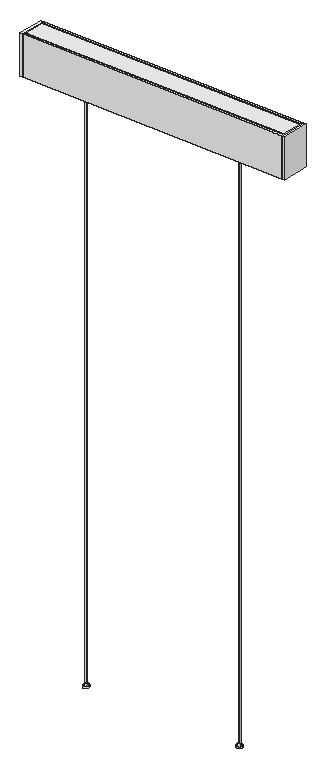
Revit family "23  MAGIC SUSPENDED LED LINEAR LIGHT", category Lighting Fixtures, host Face, Revit 2020
Family settings
  Host = Face
  Round Connector Dimension = Use Diameter
  Part Type = Normal
  Cut with Voids When Loaded = No
  Light Source = Yes
  Shared = No
  Room Calculation Point = No
Parameters (values of type "MAG0623-SW1-PSM-SD-FDL")
  Wattage Comments = "10W/15W/20W"
  Wattage = 15.4838 W
  Wall Mount = no
  built-in parameter 1150110 = 1 (stored number, unit not read)
  Voltage = "120-277 V"  # constant formula
  URL = "https://www.abovealllighting.com/product/LED-INDOOR-FIXTURE.html"
  Type Comments = "2.3 MAGIC SUSPENDED LED LINEAR LIGHT Direct and Indirect Light"  # constant formula
  built-in parameter 1114217 = 1 (stored number, unit not read)
  Tilt Angle = -90.00°
  built-in parameter 1150109 = 1 (stored number, unit not read)
  built-in parameter 1150134 = 12
  Suspender Height = 4' - 0"
  built-in parameter 1150113 = 1 (stored number, unit not read)
  Power Factor = 1
  Photometric Web File = "MAG0623-FDL-WH (4000K, DOWN100%).IES"
  PSM = not(Wall Mount)  # yes
  Order number = "17009"
  Model = "MAG0623-SW1-PSM-SD-FDL"
  Manufacturer = "Above All Lighting"  # constant formula
  built-in parameter 1150105 = 183.03 (stored number, unit not read)
  Lumens = 2300 lm
  built-in parameter 1150115 = 1 (stored number, unit not read)
  Load Classification = Lighting
  built-in parameter 1150137 = (empty or 0)
  built-in parameter 1150139 = (empty or 0)
  built-in parameter 1150112 = 1 (stored number, unit not read)
  built-in parameter 1150114 = 1 (stored number, unit not read)
  Inside Element = white inside
  built-in parameter 1150132 = 2
  built-in parameter 1150102 = (empty or 0)
  built-in parameter 1150107 = 4000 (stored number, unit not read)
  built-in parameter 1150138 = (empty or 0)
  built-in parameter 1150106 = 1.8303 (stored number, unit not read)
  IP Rating = "20"  # constant formula
  Fixture Length = 1' - 11 105/128"
  Finish/Color = White Aluminum
  built-in parameter 1150104 = 13.8 (stored number, unit not read)
  Dimming Lamp Color Temperature Shift = <None>
  Dimming / Control = "0-10 V"  # constant formula
  Description = "This MAGIC led linear fixture is a 2.3 wide linear architectural luminaire with a slim and discreet profile"  # constant formula
  Default Elevation = 0' - 0"
  Color Filter = 16777215
  CRI = "80"  # constant formula
  built-in parameter 1114218 = 1 (stored number, unit not read)
  B = (Fixture Length / 2) - 0' 5"  # 0' - 6 233/256"
  Average life based on 77F(HRS) = "50000"  # constant formula
  built-in parameter 1150133 = 10 (stored number, unit not read)
  Apparent Load = 0 VA
Types (7): name | Wattage Comments | Wattage | Wall Mount | Tilt Angle | Suspender Height | Photometric Web File | PSM | Order number | Model | built-in parameter 1150105 | Lumens | built-in parameter 1150106 | Fixture Length | B
  (no name) | "10W/15W/20W" | 15.4838 W | no | -90.00° | 4' - 0" | "MAG0623-FDL-WH (4000K, DOWN100%).IES" | yes | "17009" | "MAG0623-SW1-PSM-SD-FDL" | 183.03 (stored number, unit not read) | 2300 lm | 1.8303 (stored number, unit not read) | 1' - 11 105/128" | 0' - 6 233/256"
  MAG2423-SW1-PSM-SD-FDL | "40W/60W/80W" | 61.9354 W | no | -90.00° | 4' - 0" | "MAG2423_FDL_4000K_UP10_DOWN90.IES" | yes | "16682" | "MAG2423-SW1-PSM-SD-FDL" | 732.11 (stored number, unit not read) | 9200 lm | 7.3211 (stored number, unit not read) | 7' - 10 177/256" | 3' - 6.3457"
  MAG1223-SW1-PSM-SD-FDL | "20W/30W/40W" | 30.9677 W | no | -90.00° | 4' - 0" | "MAG1223-FDL-WH (4000K, DOWN100%).IES" | yes | "16265" | "MAG1223-SW1-PSM-SD-FDL" | 366.06 (stored number, unit not read) | 4600 lm | 3.6606 (stored number, unit not read) | 3' - 11 113/256" | 1' - 6.7207"
  MAG0623-SW1-PSM-SD-FDL | "10W/15W/20W" | 15.4838 W | no | -90.00° | 4' - 0" | "MAG0623-FDL-WH (4000K, DOWN100%).IES" | yes | "17009" | "MAG0623-SW1-PSM-SD-FDL" | 183.03 (stored number, unit not read) | 2300 lm | 1.8303 (stored number, unit not read) | 1' - 11 105/128" | 0' - 6 233/256"
  MAG2423-SW1-WM-SD-FDL | "40W/60W/80W" | 61.9354 W | yes | -90.00° | 0' - 4" | "MAG2423_FDL_4000K_UP10_DOWN90.IES" | no | "17009" | "MAG2423-SW1-WM-SD-FDL" | 732.11 (stored number, unit not read) | 9200 lm | 7.3211 (stored number, unit not read) | 7' - 10 177/256" | 3' - 6.3457"
  MAG1223-SW1-WM-SD-FDL | "20W/30W/40W" | 30.9677 W | yes | -90.00° | 0' - 4" | "MAG1223-FDL-WH (4000K, DOWN100%).IES" | no | "17010" | "MAG1223-SW1-WM-SD-FDL" | 366.06 (stored number, unit not read) | 4600 lm | 3.6606 (stored number, unit not read) | 3' - 11 113/256" | 1' - 6.7207"
  MAG0623-SW1-WM-SD-FDL | "10W/15W/20W" | 15.4838 W | yes | 90.00° | 0' - 4" | "MAG0623-FDL-WH (4000K, DOWN100%).IES" | no | "17011" | "MAG0623-SW1-WM-SD-FDL" | 183.03 (stored number, unit not read) | 2300 lm | 1.8303 (stored number, unit not read) | 1' - 11 105/128" | 0' - 6 233/256"
Reference planes (in)
  plane 1 "Center (Front/Back)": y = 0
  plane 2: z = 0
  plane 3 "Center (Left/Right)": x = 0
  plane 4: z = 48
  plane 5: z = 51.46
  plane 6: x = -11.91016
  plane 7: x = 11.91016
  plane 8: x = -6.91016
  plane 9: x = 6.91016
Forms (in)
  Revolve 1, solid, material "White Aluminum" <- "Finish/Color", visible <- "PSM"
    sketch origin (0, 0, 0) x (1, 0, 0) y (0, 0, 1)
      loop
        line (-6.91016, 0) -> (-6.91016, 48) -> (-6.97756, 48) -> (-6.97756, 0.30186) -> (-7.0089, 0.30186) -> (-7.0089, 0.06976) -> (-7.16797, 0.06976) -> (-7.16797, 0) -> (-6.91016, 0)
      axis (-6.91016, 48) -> (-6.91016, 0)
    angle from 0 to 360
  Revolve 2, solid, material "White Aluminum" <- "Finish/Color", visible <- "PSM"
    sketch origin (0, 0, 0) x (-1, 0, 0) y (0, 0, 1)
      loop
        line (-6.91016, 0) -> (-6.91016, 48) -> (-6.97756, 48) -> (-6.97756, 0.30186) -> (-7.0089, 0.30186) -> (-7.0089, 0.06976) -> (-7.16797, 0.06976) -> (-7.16797, 0) -> (-6.91016, 0)
      axis (-6.91016, 48) -> (-6.91016, 0)
    angle from 0 to 360
Dimensions and locks (in)
  "Suspender Height": plane 4 to plane 2
  locked: plane 5 to plane 4 at 3.46
  equal spacing: plane 6, plane 3 "Center (Left/Right)", plane 7
  "Fixture Length": plane 6 to plane 7
  "B": plane 3 "Center (Left/Right)" to plane 8
  locked: Revolve 2 sketch curve to Revolve 2 sketch curve at 0.0674
  plane 8 to plane 6 = 0' - 5"
  "B": plane 9 to plane 3 "Center (Left/Right)"
  aligned and locked: plane 2 to host face
  aligned and locked: level to host face
  aligned and locked: plane 4 to nested 1
  aligned and locked: Revolve 1 sketch curve to plane 8  (x2)
  aligned and locked: Revolve 2 sketch curve to plane 9  (x2)
  aligned and locked: plane 4 to Revolve 2
  aligned and locked: plane 2 to Revolve 2
  aligned and locked: Revolve 1 to plane 2
  aligned and locked: Revolve 1 to plane 4
  aligned and locked: plane 5 to imposter light
  aligned and locked: plane 3 "Center (Left/Right)" to imposter light
  aligned and locked: plane 1 "Center (Front/Back)" to nested 2
Automatic sketch dimensions
  host sketch curve to host sketch curve = 8' - 0"  (x2)
  Revolve 1 sketch curve to level = 0' - 0"
  Revolve 1 sketch curve to plane 4 = 0' - 0"  (x2)
  Revolve 1 sketch curve to Revolve 1 sketch curve = 0' - 0.0674"
  Revolve 1 sketch curve to Revolve 1 sketch curve = 0' - 0.03134"
  level to Revolve 1 sketch curve = 0' - 0.06976"
  Revolve 1 sketch curve to Revolve 1 sketch curve = 0' - 0.15907"
  Revolve 1 sketch curve to Revolve 1 sketch curve = 0' - 0.2321"
  Revolve 1 sketch curve to plane 4 = 0' - 3 3/4"
  Revolve 2 sketch curve to level = 0' - 0"
  Revolve 2 sketch curve to plane 4 = 0' - 0"  (x2)
  Revolve 2 sketch curve to Revolve 2 sketch curve = 0' - 0.03134"
  Revolve 2 sketch curve to level = 0' - 0.06976"
  Revolve 2 sketch curve to Revolve 2 sketch curve = 0' - 0.15907"
  Revolve 2 sketch curve to Revolve 2 sketch curve = 0' - 0.2321"
  plane 4 to Revolve 2 sketch curve = 0' - 3 3/4"
Nested families (in)
  nested 1: "Family2" at (0, 0, 47.81596), Fixture Length <- "Fixture Length", Body Material <- "Finish/Color", Inside Body Material <- "Inside Element", visible <- "PSM", type "Family2"
    with Inside Body Material white inside, Fixture Length 1' - 11 105/128", Body Material White Aluminum
  nested 2: "Family1" at (0, 0, 0), Fixture Length <- "Fixture Length", Body Material <- "Finish/Color", Inside Body Material <- "Inside Element", visible <- "Wall Mount", type "Family1"
    with Inside Body Material white inside, Fixture Length 1' - 11 105/128", Body Material White Aluminum
Connectors (in)
  electrical at (0, 0, 0), driven by "Load Classification", driven by "Apparent Load", driven by "Power Factor"
    settings: on host face, index 1, voltage 0 V, apparent load 0 VA, apparent load phase1 0 VA, apparent load phase2 0 VA, apparent load phase3 0 VA, power factor 1, load classification "Lighting", number of poles 1, system type 30, power factor state 1, is connector primary yes, connector utility no, sub classification motor no, connector description ""
Definition of nested family "Family2"
  Parameters (values of type "Family2")
    Inside Body Material [instance] = none
    Fixture Width = 0' - 2.34"
    Fixture Length [instance] = 5' - 0"
    Default Elevation = 0' - 0"
    Body Material [instance] = none
  Reference planes (in)
    plane 1 "Center (Front/Back)": y = 0
    plane 2: z = 0
    plane 3 "Center (Left/Right)": x = 0
    plane 4: x = -30
    plane 5: x = 30
    plane 6: y = 1.17
    plane 7: y = -1.17
    plane 8: x = -29.75
    plane 9: x = 29.75
    plane 10: z = 0.18404
  Forms (in)
    Sweep 1, solid, material <- "Body Material"
      path origin (0, 0, 3.64404) x (0, -1, 0) y (1, 0, 0)
        loop
          line (0, -29.75) -> (0, 29.75)
      profile origin (0, 0, 3.64404) x (0, 1, 0) y (0, 0, 1)
        loop
          line (-1.17, 0) -> (-1.17, -3.46) -> (1.17, -3.46) -> (1.17, 0) -> (0.92, 0) -> (0.92, -0.3629) -> (0, -0.3629) -> (-0.92, -0.3629) -> (-0.92, 0) -> (-1.17, 0)
    Sweep 2, solid, material <- "Body Material"
      path origin (0, 0, 3.64404) x (0, -1, 0) y (1, 0, 0)
        loop
          line (0, -30) -> (0, -29.75)
      profile origin (-29.875, 0, 3.64404) x (0, 1, 0) y (0, 0, 1)
        loop
          line (-1.17, -3.46) -> (1.17, -3.46) -> (1.17, 0) -> (-1.17, 0) -> (-1.17, -3.46)
    Sweep 3, solid, material <- "Body Material"
      path origin (0, 0, 3.64404) x (0, 1, 0) y (-1, 0, 0)
        loop
          line (0, -30) -> (0, -29.75)
      profile origin (29.875, 0, 3.64404) x (0, -1, 0) y (0, 0, 1)
        loop
          line (1.17, -3.46) -> (1.17, 0) -> (-1.17, 0) -> (-1.17, -3.46) -> (1.17, -3.46)
    Sweep 4, solid, material <- "Body Material"
      path origin (0, 0, 0) x (1, 0, 0) y (0, 1, 0)
        loop
          line (-28.5, 0) -> (28.5, 0)
      profile origin (0, 0, 0) x (0, 1, 0) y (0, 0, 1)
        loop
          line (0.51617, 0) -> (0.51617, 0.0324) -> (0.51617, 0.18404) -> (0.47206, 0.18404) -> (0.47206, 0.04802) -> (-0.47206, 0.04802) -> (-0.47206, 0.18404) -> (-0.51617, 0.18404) -> (-0.51617, 0.04802) -> (-0.51617, 0) -> (0.51617, 0)
    Sweep 5, solid, material <- "Inside Body Material"
      path origin (0, 0, 0) x (1, 0, 0) y (0, 1, 0)
        loop
          line (-29.75, 0) -> (29.75, 0)
      profile origin (0, 0, 0) x (0, 1, 0) y (0, 0, 1)
        loop
          line (0.92, 3.64404) -> (-0.92, 3.64404) -> (-0.92, 3.28114) -> (0.92, 3.28114) -> (0.92, 3.64404)
  Dimensions and locks (in)
    equal spacing: plane 4, plane 3 "Center (Left/Right)", plane 5
    "Fixture Length": plane 4 to plane 5
    equal spacing: plane 6, plane 1 "Center (Front/Back)", plane 7
    "Fixture Width": plane 6 to plane 7
    locked: plane 4 to plane 8 at 0.25
    locked: plane 9 to plane 5 at 0.25
    equal spacing: Sweep 4 sketch curve, plane 3 "Center (Left/Right)", Sweep 4 sketch curve
    equal spacing: Sweep 4 sketch curve, profile plane, Sweep 4 sketch curve
    locked: Sweep 4 sketch curve to Sweep 4 sketch curve at 0.04802
    locked: Sweep 4 sketch curve to Sweep 4 sketch curve at 0.0441
    aligned and locked: plane 2 to level
    aligned and locked: plane 9 to Sweep 1 sketch curve
    aligned and locked: plane 8 to Sweep 1 sketch curve
    aligned and locked: Sweep 3 sketch curve to plane 5
    aligned and locked: Sweep 3 sketch curve to plane 9
    aligned and locked: plane 4 to Sweep 2 sketch curve
    aligned and locked: plane 8 to Sweep 2 sketch curve
    aligned and locked: Sweep 4 sketch curve to plane 10
    aligned and locked: plane 10 to Sweep 4 sketch curve
    aligned and locked: Sweep 1 to plane 10
    aligned and locked: Sweep 2 to plane 10
    aligned and locked: plane 9 to Sweep 5 sketch curve
    aligned and locked: plane 8 to Sweep 5 sketch curve
    aligned and locked: plane 1 "Center (Front/Back)" to Sweep 5 sketch curve
    aligned and locked: Sweep 1 to Sweep 5 sketch curve
    aligned and locked: Sweep 5 sketch curve to Sweep 1  (x3)
  Automatic sketch dimensions
    plane 1 "Center (Front/Back)" to Sweep 1 sketch curve = 0' - 0"
    Sweep 1 sketch curve to profile plane = 0' - 0"  (x3)
    Sweep 1 sketch curve to profile plane = 0' - 0.3629"
    profile plane to Sweep 1 sketch curve = 0' - 0.92"
    Sweep 1 sketch curve to Sweep 1 sketch curve = 0' - 0 1/4"
    Sweep 1 sketch curve to profile plane = 0' - 0.92"
    Sweep 1 sketch curve to profile plane = 0' - 1.17"
    Sweep 1 sketch curve to Sweep 1 sketch curve = 0' - 3.0971"
    plane 1 "Center (Front/Back)" to Sweep 2 sketch curve = 0' - 0"
    Sweep 2 sketch curve to profile plane = 0' - 0"
    profile plane to Sweep 2 sketch curve = 0' - 1.17"
    Sweep 2 sketch curve to profile plane = 0' - 1.17"
    Sweep 2 sketch curve to Sweep 2 sketch curve = 0' - 3.46"
    plane 1 "Center (Front/Back)" to Sweep 3 sketch curve = 0' - 0"
    Sweep 3 sketch curve to profile plane = 0' - 0"
    profile plane to Sweep 3 sketch curve = 0' - 1.17"
    Sweep 3 sketch curve to profile plane = 0' - 1.17"
    Sweep 3 sketch curve to Sweep 3 sketch curve = 0' - 3.46"
    plane 1 "Center (Front/Back)" to Sweep 4 sketch curve = 0' - 0"
    plane 8 to Sweep 4 sketch curve = 0' - 1 1/4"
    Sweep 4 sketch curve to level = 0' - 0"
    level to Sweep 4 sketch curve = 0' - 0.04802"
    profile plane to Sweep 4 sketch curve = 0' - 0.51617"
    Sweep 4 sketch curve to Sweep 4 sketch curve = 0' - 0.0441"
    Sweep 4 sketch curve to Sweep 4 sketch curve = 0' - 0 1/64"
Definition of nested family "Family1"
  Parameters (values of type "Family1")
    Inside Body Material [instance] = none
    Fixture Length [instance] = 6' - 11.26901"
    Default Elevation = 0' - 0"
    Body Material [instance] = none
  Reference planes (in)
    plane 1 "Center (Front/Back)": y = 0
    plane 2: z = 0
    plane 3 "Center (Left/Right)": x = 0
    plane 4: y = 5.57779
    plane 5: x = -41.63451
    plane 6: x = -41.23591
    plane 7: x = 41.63451
    plane 8: x = 41.23591
  Forms (in)
    Sweep 1, solid, material <- "Body Material"
      path origin (0, 0, 0) x (1, 0, 0) y (0, 1, 0)
        loop
          line (-41.23591, 0) -> (41.23591, 0)
      profile origin (0, 0, 0) x (0, 1, 0) y (0, 0, 1)
        loop
          line (1.73, 0) -> (1.73, 2.34) -> (-1.73, 2.34) -> (-1.73, 2.04312) -> (-1.40276, 2.04312) -> (-1.40276, 0.29687) -> (-1.73, 0.29687) -> (-1.73, 0) -> (1.73, 0)
    Sweep 2, solid, material <- "Body Material"
      path origin (0, 0, 0) x (1, 0, 0) y (0, 1, 0)
        loop
          line (-41.63451, 0) -> (-41.23591, 0)
      profile origin (-41.43521, 0, 0) x (0, 1, 0) y (0, 0, 1)
        loop
          line (1.73, 2.34) -> (-1.73, 2.34) -> (-1.73, 0) -> (1.73, 0) -> (1.73, 2.34)
    Sweep 3, solid, material <- "Body Material"
      path origin (0, 0, 0) x (-1, 0, 0) y (0, 1, 0)
        loop
          line (-41.63451, 0) -> (-41.23591, 0)
      profile origin (41.43521, 0, 0) x (0, -1, 0) y (0, 0, 1)
        loop
          line (-1.73, 2.34) -> (-1.73, 0) -> (1.73, 0) -> (1.73, 2.34) -> (-1.73, 2.34)
    Sweep 4, solid, material <- "Inside Body Material"
      path origin (0, 0, 0) x (1, 0, 0) y (0, 1, 0)
        loop
          line (-41.23591, -1.40276) -> (41.23591, -1.40276)
      profile origin (0, -1.40276, 0) x (0, 1, 0) y (0, 0, 1)
        loop
          line (0, 2.04312) -> (-0.32724, 2.04312) -> (-0.32724, 0.29687) -> (0, 0.29687) -> (0, 2.04312)
  Dimensions and locks (in)
    equal spacing: plane 5, plane 3 "Center (Left/Right)", plane 7
    "Fixture Length": plane 5 to plane 7
    locked: plane 5 to plane 6 at 0.39859
    locked: plane 8 to plane 7 at 0.39859
    aligned and locked: plane 2 to level
    aligned and locked: plane 1 "Center (Front/Back)" to Sweep 1 sketch curve
    aligned and locked: plane 8 to Sweep 1 sketch curve
    aligned and locked: plane 6 to Sweep 1 sketch curve
    aligned and locked: plane 5 to Sweep 2 sketch curve
    aligned and locked: plane 6 to Sweep 2 sketch curve
    aligned and locked: plane 7 to Sweep 3 sketch curve
    aligned and locked: plane 8 to Sweep 3 sketch curve
    aligned and locked: plane 8 to Sweep 4 sketch curve
    aligned and locked: plane 6 to Sweep 4 sketch curve
    aligned and locked: Sweep 4 sketch curve to Sweep 1  (x4)
  Automatic sketch dimensions
    Sweep 1 sketch curve to profile plane = 0' - 0"
    profile plane to Sweep 1 sketch curve = 0' - 0 19/64"
    profile plane to Sweep 1 sketch curve = 0' - 1.73"  (x2)
    Sweep 1 sketch curve to Sweep 1 sketch curve = 0' - 0.32724"
    Sweep 1 sketch curve to profile plane = 0' - 1.73"
    Sweep 1 sketch curve to Sweep 1 sketch curve = 0' - 1.74625"
    profile plane to Sweep 1 sketch curve = 0' - 2.34"
    plane 1 "Center (Front/Back)" to Sweep 2 sketch curve = 0' - 0"
    Sweep 2 sketch curve to level = 0' - 0"
    profile plane to Sweep 2 sketch curve = 0' - 1.73"
    Sweep 2 sketch curve to profile plane = 0' - 1.73"
    level to Sweep 2 sketch curve = 0' - 2.34"
    plane 1 "Center (Front/Back)" to Sweep 3 sketch curve = 0' - 0"
    Sweep 3 sketch curve to level = 0' - 0"
    profile plane to Sweep 3 sketch curve = 0' - 1.73"
    Sweep 3 sketch curve to profile plane = 0' - 1.73"
    level to Sweep 3 sketch curve = 0' - 2.34"
    plane 1 "Center (Front/Back)" to Sweep 4 sketch curve = 0' - 1.40276"
